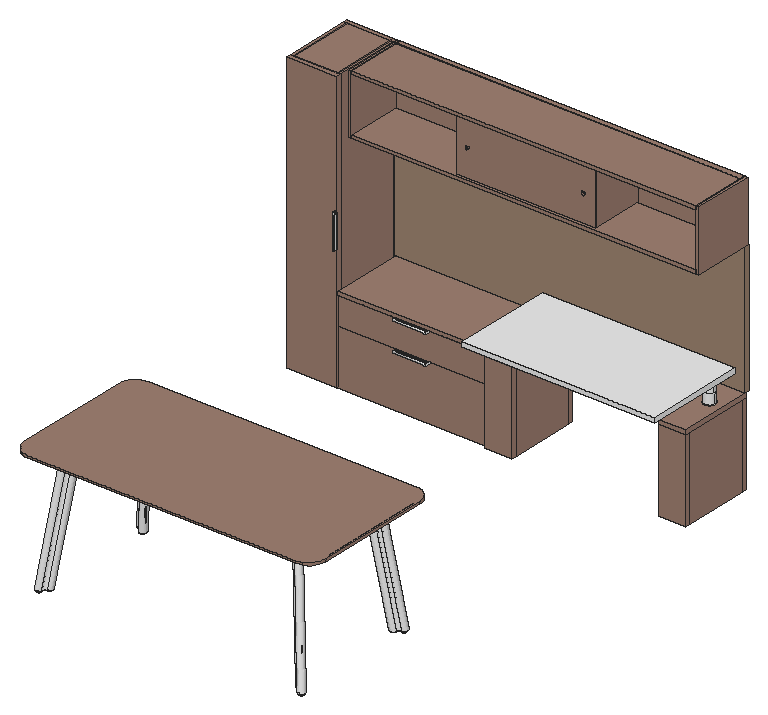
Revit family "T100232", category Furniture, Revit 2022
Family settings
  OmniClass Number = 23.40.20.00
  OmniClass Title = General Furniture and Specialties
  Work Plane-Based = No
  Always vertical = Yes
  Cut with Voids When Loaded = No
  Render Appearance Source = Family Geometry
  Shared = No
  Room Calculation Point = No
Parameters (values of type "T100232")
  URL = "https://ofs.com/"
  Model = "T100232"
  Manufacturer = "OFS"
  Description = "OFS TYPICAL T100232"
  Default Elevation = 0' - 0"
  Copyright © = "©OFS 2021"
  Catalog = "https://ofs.com/2020-experience"
  Authoring Version = "Autodesk Revit Architecture 2015"
  Assembly Code = "E2020400"
Reference planes (in)
  plane 1 "Center Front/Back": y = 0
  plane 2: z = 0
  plane 3 "Center Left/Right": x = 0
Dimensions and locks (in)
  aligned and locked: level to plane 2
Nested families (in)
  nested 1: "APTOS TALL STORAGE WITH HINGED DOOR 18IN DEPTH" at (-40.80898, 95.68334, 0), type "APTOS TALL STORAGE WITH HINGED DOOR 12" Wide 18" Planning Depth Single Hinged Door Left"
  nested 2: "APTOS HEIGHT ADJUSTABLE KNEESPACE CREDENZA CORIAN TOP 48W 18IN BASES" at (25.127, 106.12084, 0), type "APTOS HEIGHT ADJUSTABLE KNEESPACE CREDENZA 48IN W CORIAN TOP 18IN Panel Bases"
    with Worksurface Height 2' - 3"
  nested 3: "APTOS GLASS OVERLAY RUNOFF WORKSURFACE SOFT RECTANGLE" at (-0.00002, 24, 0) x (1, 0, 0) z (0, 0, 1), type "APTOS GLASS OVERLAY RUNOFF WORKSURFACE SOFT RECTANGLE 72" x 36""
  nested 4: "APTOS 18D LOW HEIGHT MODULAR CABINET TOP" at (-16.8105, 110.89072, 0), type "APTOS 18D LOW HEIGHT MODULAR CABINET TOP 36" Width"
  nested 5: "APTOS LOW HEIGHT MODULAR PEDESTAL BOX-FILE 18IN Depth" at (-16.80535, 94.55784, 0), type "APTOS LOW HEIGHT MODULAR PEDESTAL BOX/FILE 36""
  nested 6: "APTOS WALLMOUNT ORGANIZER WITH CENTER SLIDING GLASS DOOR" at (7.10156, 95.68334, 0), type "APTOS WALLMOUNT ORGANIZER WITH CENTER SLIDING GLASS DOOR 84" Width"
  nested 7: "APTOS ONE PIECE TACKBOARD (Between Low Height and Wallmount)" at (7.1295, 95.89072, 0), type "APTOS ONE PIECE TACKBOARD 84" Between Low Height and Wallmount"
  nested 8: "APTOS DUFOIL LEGS" at (-32.13267, -15.86618, 0) x (-0.7003, 0.7139, 0) z (0, 0, 1), type "APTOS DUFOIL LEGS"
  nested 9: "APTOS DUFOIL LEGS" at (-32.11414, 15.81861, 0) x (0.6874, 0.7263, 0) z (0, 0, 1), type "APTOS DUFOIL LEGS"
  nested 10: "APTOS DUFOIL LEGS" at (31.90623, 15.84375, 0) x (0.7013, -0.7128, 0) z (0, 0, 1), type "APTOS DUFOIL LEGS"
  nested 11: "APTOS DUFOIL LEGS" at (31.83368, -15.93718, 0) x (-0.7071, -0.7071, 0) z (0, 0, 1), type "APTOS DUFOIL LEGS"
Definition of nested family "APTOS TALL STORAGE WITH HINGED DOOR 18IN DEPTH"
  Parameters (values of type "APTOS TALL STORAGE WITH HINGED DOOR 12" Wide 18" Planning Depth Single Hinged Door Left")
    Width = 1' - 0"
    URL = "http://ofsbrands.com"
    Right Hinged = no
    Left Hinged = yes
    Handle Lengh = 0' - 8 1/4"
    Door Handle Material = none
    Default Elevation = 0' - 0"
    Board Thick Door = 0' - 1 1/8"
    Depth = 1' - 5 7/8"
    Board Material = none
    Model = "34-1268LSC1S"
    Manufacturer = "OFS"
    Leg Caps Material = none
    Leg Offset = 0' - 2"
    Board Thick Internal = 0' - 0 3/4"
    Height = 5' - 8 1/4"
    Description = "OFS BRANDS OFS APTOS TALL STORAGE WITH HINGED DOOR 12\" Wide 18\" Planning Depth Single Hinged Door Left Optional Pull, Coat Hook or Hang Rod,Three Adjustable 1\" Thick Shelves with Beveled Edge and One Fixed Shelf per Section"
    Copyright © = "© OFS BRANDS 2017"
    Catalog = "APTOS http://ofsbrands.com/products/casegoods/private-office/aptos"
    Bottom Board Offset = 0' - 1 1/2"
    Board Thick Top and Bot = 0' - 1"
    Board Thick Shelfs = 0' - 1"
    Board Thick Sides = 0' - 0 3/4"
    Board Thick Front = 0' - 0 3/4"
    Board Thick Back = 0' - 0 3/4"
    Authoring Version = "Autodesk Revit Architecture 2013"
    Assembly Code = "E2020200"
    2 Doors = no
    1 Door = yes
  Types (8): name | Width | Right Hinged | Left Hinged | Model | Description | 2 Doors | 1 Door
    (no name) | 1' - 0" | no | yes | "34-1268LSC1S" | "OFS BRANDS OFS APTOS TALL STORAGE WITH HINGED DOOR 12\" Wide 18\" Planning Depth Single Hinged Door Left Optional Pull, Coat Hook or Hang Rod,Three Adjustable 1\" Thick Shelves with Beveled Edge and One Fixed Shelf per Section" | no | yes
    APTOS TALL STORAGE WITH HINGED DOOR 36" Wide 18" Planning Depth Double Hinged Door | 3' - 0" | no | no | "34-3668SC1S" | "OFS BRANDS OFS APTOS TALL STORAGE WITH HINGED DOOR 36\" Wide 18\" Planning Depth Double Hinged Door Optional Pull, Coat Hook or Hang Rod,Three Adjustable 1\" Thick Shelves with Beveled Edge and One Fixed Shelf per Section" | yes | no
    APTOS TALL STORAGE WITH HINGED DOOR 30" Wide 18" Planning Depth Double Hinged Door | 2' - 6" | no | no | "34-3068SC1S" | "OFS BRANDS OFS APTOS TALL STORAGE WITH HINGED DOOR 30\" Wide 18\" Planning Depth Double Hinged Door Optional Pull, Coat Hook or Hang Rod,Three Adjustable 1\" Thick Shelves with Beveled Edge and One Fixed Shelf per Section" | yes | no
    APTOS TALL STORAGE WITH HINGED DOOR 24" Wide 18" Planning Depth Double Hinged Door | 2' - 0" | no | no | "34-2468SC1S" | "OFS BRANDS OFS APTOS TALL STORAGE WITH HINGED DOOR 24\" Wide 18\" Planning Depth Double Hinged Door Optional Pull, Coat Hook or Hang Rod,Three Adjustable 1\" Thick Shelves with Beveled Edge and One Fixed Shelf per Section" | yes | no
    APTOS TALL STORAGE WITH HINGED DOOR 18" Wide 18" Planning Depth Single Hinged Door Left | 1' - 6" | no | yes | "34-1868LSC1S" | "OFS BRANDS OFS APTOS TALL STORAGE WITH HINGED DOOR 18\" Wide 18\" Planning Depth Single Hinged Door Left Optional Pull, Coat Hook or Hang Rod,Three Adjustable 1\" Thick Shelves with Beveled Edge and One Fixed Shelf per Section" | no | yes
    APTOS TALL STORAGE WITH HINGED DOOR 18" Wide 18" Planning Depth Single Hinged Door Right | 1' - 6" | yes | no | "34-1868RSC1S" | "OFS BRANDS OFS APTOS TALL STORAGE WITH HINGED DOOR 18\" Wide 18\" Planning Depth Single Hinged Door Right Optional Pull, Coat Hook or Hang Rod,Three Adjustable 1\" Thick Shelves with Beveled Edge and One Fixed Shelf per Section" | no | yes
    APTOS TALL STORAGE WITH HINGED DOOR 12" Wide 18" Planning Depth Single Hinged Door Left | 1' - 0" | no | yes | "34-1268LSC1S" | "OFS BRANDS OFS APTOS TALL STORAGE WITH HINGED DOOR 12\" Wide 18\" Planning Depth Single Hinged Door Left Optional Pull, Coat Hook or Hang Rod,Three Adjustable 1\" Thick Shelves with Beveled Edge and One Fixed Shelf per Section" | no | yes
    APTOS TALL STORAGE WITH HINGED DOOR 12" Wide 18" Planning Depth Single Hinged Door Right | 1' - 0" | yes | no | "34-1268RSC1S" | "OFS BRANDS OFS APTOS TALL STORAGE WITH HINGED DOOR 12\" Wide 18\" Planning Depth Single Hinged Door Right Optional Pull, Coat Hook or Hang Rod,Three Adjustable 1\" Thick Shelves with Beveled Edge and One Fixed Shelf per Section" | no | yes
  Reference planes (in)
    plane 1 "Center Front/Back": y = 0
    plane 2: z = 0
    plane 3 "Center Left/Right": x = 0
    plane 4 "Left End": x = -6
    plane 5 "Front End": y = -16.75
    plane 6 "Right End": x = 6
    plane 7 "Back End": y = 0
    plane 8 "Height Top": z = 68.25
    plane 9: x = -5.25
    plane 10: x = 5.25
    plane 11: z = 14.65
    plane 12: z = 15.65
    plane 13: z = 67.25
    plane 14: z = 1.5
    plane 15: z = 2.5
    plane 16: y = -16
    plane 17: y = -2
    plane 18: y = -2
    plane 19: y = -14.75
    plane 20: y = -14.75
    plane 21: x = -4
    plane 22: x = 4
    plane 23: x = 4
    plane 24: x = -4
    plane 25: x = -0.375
    plane 26: x = 0.375
    plane 27: y = -17.875
    plane 28: y = -0.75
    plane 29: z = 27.8
    plane 30: z = 28.8
    plane 31: z = 40.95
    plane 32: z = 41.95
    plane 33: z = 54.1
    plane 34: z = 55.1
    plane 35: x = -0.125
    plane 36: x = 0.125
  Forms (in)
    Extrusion 1, solid, material <- "Board Material"
      sketch origin (0, 0, 0) x (1, 0, 0) y (0, 1, 0)
        loop
          line (-6, -0.75) -> (-6, -16.75) -> (-5.25, -16.75) -> (-5.25, -0.75) -> (-6, -0.75)
      from 1.5 to 68.25
    Extrusion 2, solid, material <- "Board Material"
      sketch origin (0, 0, 0) x (-1, 0, 0) y (0, -1, 0)
        loop
          line (-6, 0.75) -> (-5.25, 0.75) -> (-5.25, 16.75) -> (-6, 16.75) -> (-6, 0.75)
      from 1.5 to 68.25
    Extrusion 3, solid, material <- "Board Material"
      sketch origin (0, 0, 0) x (1, 0, 0) y (0, 1, 0)
        loop
          line (-5.25, -0.75) -> (-5.25, -16.75) -> (5.25, -16.75) -> (5.25, -0.75) -> (-5.25, -0.75)
      from 1.5 to 2.5
    Extrusion 4, solid, material <- "Board Material"
      sketch origin (0, 0, 0) x (1, 0, 0) y (0, 1, 0)
        loop
          line (-5.25, -0.75) -> (-5.25, -16.75) -> (5.25, -16.75) -> (5.25, -0.75) -> (-5.25, -0.75)
      from 67.25 to 68.25
    Revolve 5, solid, material <- "Leg Caps Material"
      sketch origin (0, -2, 0) x (-1, 0, 0) y (0, 0, 1)
        loop
          line (3, 0.28743) -> (3.5, 0.28743)
          arc (3.5, 0.28743) -> (3.35629, 0.14371) -> (3.5, 0) r 0.14371
          line (3.5, 0) -> (4, 0) -> (4, 1.5) -> (3, 1.5) -> (3, 0.28743)
        axis (4, 1.5) -> (4, 0)
      angle from 0 to 360
    Revolve 6, solid, material <- "Leg Caps Material"
      sketch origin (0, -2, 0) x (1, 0, 0) y (0, 0, -1)
        loop
          line (3, -0.28743) -> (3, -1.5) -> (4, -1.5) -> (4, 0) -> (3.5, 0)
          arc (3.5, 0) -> (3.35629, -0.14371) -> (3.5, -0.28743) r 0.14371
          line (3.5, -0.28743) -> (3, -0.28743)
        axis (4, -1.5) -> (4, 0)
      angle from 0 to 360
    Revolve 7, solid, material <- "Leg Caps Material"
      sketch origin (0, -14.75, 0) x (-1, 0, 0) y (0, 0, -1)
        loop
          line (3, -0.28743) -> (3, -1.5) -> (4, -1.5) -> (4, 0) -> (3.5, 0)
          arc (3.5, 0) -> (3.35629, -0.14371) -> (3.5, -0.28743) r 0.14371
          line (3.5, -0.28743) -> (3, -0.28743)
        axis (4, -1.5) -> (4, 0)
      angle from 0 to 360
    Revolve 8, solid, material <- "Leg Caps Material"
      sketch origin (0, -14.75, 0) x (1, 0, 0) y (0, 0, 1)
        loop
          line (3, 0.28743) -> (3.5, 0.28743)
          arc (3.5, 0.28743) -> (3.35629, 0.14371) -> (3.5, 0) r 0.14371
          line (3.5, 0) -> (4, 0) -> (4, 1.5) -> (3, 1.5) -> (3, 0.28743)
        axis (4, 1.5) -> (4, 0)
      angle from 0 to 360
    Extrusion 9, solid, material <- "Board Material", visible <- "2 Doors"
      sketch origin (0, 0, 0) x (1, 0, 0) y (0, 1, 0)
        loop
          line (-0.375, -0.75) -> (-0.375, -16.75) -> (0.375, -16.75) -> (0.375, -0.75) -> (-0.375, -0.75)
      from 2.5 to 67.25
    Extrusion 10, solid, material <- "Board Material", visible <- "2 Doors"
      sketch origin (0, 0, 0) x (1, 0, 0) y (0, 1, 0)
        loop
          line (-0.125, -16.75) -> (-6, -16.75) -> (-6, -17.875) -> (-0.125, -17.875) -> (-0.125, -16.75)
      from 1.5 to 68.25
    Extrusion 11, solid, material <- "Board Material"
      sketch origin (0, 27.875, 0) x (1, 0, 0) y (0, 1, 0)
        loop
          line (-6, -27.875) -> (-6, -28.625) -> (6, -28.625) -> (6, -27.875) -> (-6, -27.875)
      from 1.5 to 68.25
    Extrusion 12, solid, material <- "Board Material", visible <- "2 Doors"
      sketch origin (0, 0, 0) x (1, 0, 0) y (0, 1, 0)
        loop
          line (6, -16.75) -> (0.125, -16.75) -> (0.125, -17.875) -> (6, -17.875) -> (6, -16.75)
      from 1.5 to 68.25
    Extrusion 13, solid, material <- "Door Handle Material", visible <- "2 Doors"
      sketch origin (-1.15749, -3, 0) x (1, 0, 0) y (0, 1, 0)
        loop
          arc (1.27755, -15.67707) -> (1.46398, -15.8635) -> (1.65042, -15.67707) r 0.18644
          arc (1.65042, -15.67707) -> (1.63824, -15.56084) -> (1.60223, -15.44966) r 0.56062
          arc (1.60223, -15.44966) -> (1.56017, -15.1973) -> (1.64547, -14.95609) r 0.512
          line (1.64547, -14.95609) -> (1.64547, -14.875) -> (1.28249, -14.875) -> (1.28249, -14.95609)
          arc (1.28249, -14.95609) -> (1.36779, -15.1973) -> (1.32574, -15.44966) r 0.512
          arc (1.32574, -15.44966) -> (1.28973, -15.56084) -> (1.27755, -15.67707) r 0.56062
      from 31.17725 to 39.4335
    Extrusion 14, solid, material <- "Door Handle Material", visible <- "2 Doors"
      sketch origin (1.15749, -3, 0) x (-1, 0, 0) y (0, -1, 0)
        loop
          arc (1.27755, 15.67707) -> (1.28973, 15.56084) -> (1.32574, 15.44966) r 0.56062
          arc (1.32574, 15.44966) -> (1.36779, 15.1973) -> (1.28249, 14.95609) r 0.512
          line (1.28249, 14.95609) -> (1.28249, 14.875) -> (1.64547, 14.875) -> (1.64547, 14.95609)
          arc (1.64547, 14.95609) -> (1.56017, 15.1973) -> (1.60223, 15.44966) r 0.512
          arc (1.60223, 15.44966) -> (1.63824, 15.56084) -> (1.65042, 15.67707) r 0.56062
          arc (1.65042, 15.67707) -> (1.46398, 15.8635) -> (1.27755, 15.67707) r 0.18644
      from 31.17725 to 39.4335
    Extrusion 15, solid, material <- "Board Material", visible <- "1 Door"
      sketch origin (0, 0, 0) x (1, 0, 0) y (0, 1, 0)
        loop
          line (6, -16.75) -> (-6, -16.75) -> (-6, -17.875) -> (6, -17.875) -> (6, -16.75)
      from 1.5 to 68.25
    Extrusion 16, solid, material <- "Door Handle Material", visible <- "Right Hinged"
      sketch origin (-16.35453, -3, 0) x (-1, 0, 0) y (0, -1, 0)
        loop
          arc (-10.72245, 15.67707) -> (-10.71027, 15.56084) -> (-10.67426, 15.44966) r 0.56062
          arc (-10.67426, 15.44966) -> (-10.63221, 15.1973) -> (-10.71751, 14.95609) r 0.512
          line (-10.71751, 14.95609) -> (-10.71751, 14.875) -> (-10.35453, 14.875) -> (-10.35453, 14.95609)
          arc (-10.35453, 14.95609) -> (-10.43983, 15.1973) -> (-10.39777, 15.44966) r 0.512
          arc (-10.39777, 15.44966) -> (-10.36176, 15.56084) -> (-10.34958, 15.67707) r 0.56062
          arc (-10.34958, 15.67707) -> (-10.53602, 15.8635) -> (-10.72245, 15.67707) r 0.18644
      from 31.17725 to 39.4335
    Extrusion 17, solid, material <- "Door Handle Material", visible <- "Left Hinged"
      sketch origin (16.35453, -3, 0) x (1, 0, 0) y (0, 1, 0)
        loop
          arc (-10.72245, -15.67707) -> (-10.53602, -15.8635) -> (-10.34958, -15.67707) r 0.18644
          arc (-10.34958, -15.67707) -> (-10.36176, -15.56084) -> (-10.39777, -15.44966) r 0.56062
          arc (-10.39777, -15.44966) -> (-10.43983, -15.1973) -> (-10.35453, -14.95609) r 0.512
          line (-10.35453, -14.95609) -> (-10.35453, -14.875) -> (-10.71751, -14.875) -> (-10.71751, -14.95609)
          arc (-10.71751, -14.95609) -> (-10.63221, -15.1973) -> (-10.67426, -15.44966) r 0.512
          arc (-10.67426, -15.44966) -> (-10.71027, -15.56084) -> (-10.72245, -15.67707) r 0.56062
      from 31.17725 to 39.4335
  Dimensions and locks (in)
    equal spacing: plane 4 "Left End", plane 3 "Center Left/Right", plane 6 "Right End"
    "Width": plane 4 "Left End" to plane 6 "Right End"
    "Height": plane 8 "Height Top" to level
    "Board Thick Sides": plane 4 "Left End" to plane 9
    "Board Thick Sides": plane 10 to plane 6 "Right End"
    "Board Thick Top and Bot": plane 8 "Height Top" to plane 13
    "Board Thick Shelfs": plane 12 to plane 11
    "Board Thick Top and Bot": plane 15 to plane 14
    "Bottom Board Offset": plane 14 to level
    "Board Thick Front": plane 16 to plane 5 "Front End"
    "Leg Offset": plane 19 to plane 5 "Front End"
    "Leg Offset": plane 20 to plane 5 "Front End"
    "Leg Offset": plane 17 to plane 7 "Back End"
    "Leg Offset": plane 18 to plane 7 "Back End"
    "Leg Offset": plane 4 "Left End" to plane 21
    "Leg Offset": plane 22 to plane 6 "Right End"
    "Leg Offset": plane 23 to plane 6 "Right End"
    "Leg Offset": plane 4 "Left End" to plane 24
    "Board Thick Internal": plane 25 to plane 26
    "Board Thick Door": plane 27 to plane 5 "Front End"
    "Board Thick Back": plane 28 to plane 1 "Center Front/Back"
    "Depth": plane 27 to plane 1 "Center Front/Back"
    equal spacing: plane 25, plane 3 "Center Left/Right", plane 26
    "Board Thick Shelfs": plane 30 to plane 29
    "Board Thick Shelfs": plane 32 to plane 31
    "Board Thick Shelfs": plane 34 to plane 33
    equal spacing: plane 8 "Height Top", plane 34, plane 32, plane 30, plane 12, plane 15
    equal spacing: plane 35, plane 3 "Center Left/Right", plane 36
    locked: plane 35 to plane 36 at 0.25
    aligned and locked: level to plane 2
    aligned and locked: plane 5 "Front End" to Extrusion 1 sketch curve
    aligned and locked: plane 4 "Left End" to Extrusion 1 sketch curve
    aligned and locked: Extrusion 1 sketch curve to plane 9
    aligned and locked: Extrusion 2 to plane 5 "Front End"
    aligned and locked: plane 10 to Extrusion 2
    aligned and locked: Extrusion 2 to plane 6 "Right End"
    aligned and locked: Extrusion 2 to plane 14
    aligned and locked: plane 10 to Extrusion 3 sketch curve
    aligned and locked: plane 9 to Extrusion 3 sketch curve
    aligned and locked: Revolve 5 to plane 18
    aligned and locked: plane 17 to Revolve 6
    aligned and locked: Revolve 8 to plane 20
    aligned and locked: plane 19 to Revolve 7
    aligned and locked: Extrusion 9 sketch curve to plane 25
    aligned and locked: plane 26 to Extrusion 9 sketch curve
    aligned and locked: Extrusion 9 to plane 5 "Front End"
    aligned and locked: plane 27 to Extrusion 10 sketch curve
    aligned and locked: plane 5 "Front End" to Extrusion 10 sketch curve
    aligned and locked: Extrusion 10 sketch curve to plane 4 "Left End"
    aligned and locked: Extrusion 11 to plane 4 "Left End"
    aligned and locked: Extrusion 11 to plane 6 "Right End"
    aligned and locked: Extrusion 11 to plane 14
    aligned and locked: plane 15 to Extrusion 3
    aligned and locked: Extrusion 10 to plane 14
    aligned and locked: Extrusion 3 to plane 14
    aligned and locked: Extrusion 9 to plane 15
    aligned and locked: plane 13 to Extrusion 9
    aligned and locked: plane 8 "Height Top" to Extrusion 4
    aligned and locked: Extrusion 4 to plane 13
    aligned and locked: Extrusion 12 to plane 6 "Right End"
    aligned and locked: Extrusion 12 to plane 14
    aligned and locked: Extrusion 11 to plane 28
    aligned and locked: Extrusion 11 to plane 1 "Center Front/Back"
    aligned and locked: plane 28 to Extrusion 9
    aligned and locked: Extrusion 1 to plane 14
    aligned and locked: plane 28 to Extrusion 1
    aligned and locked: plane 28 to Extrusion 2
    aligned and locked: plane 8 "Height Top" to Extrusion 11
    aligned and locked: Extrusion 4 to plane 9
    aligned and locked: Extrusion 4 to plane 10
    aligned and locked: plane 28 to Extrusion 4
    aligned and locked: Extrusion 4 to plane 5 "Front End"
    aligned and locked: plane 8 "Height Top" to Extrusion 12
    aligned and locked: plane 8 "Height Top" to Extrusion 10
    aligned and locked: plane 8 "Height Top" to Extrusion 2
    aligned and locked: plane 8 "Height Top" to Extrusion 1
    aligned and locked: plane 28 to Extrusion 3
    aligned and locked: Extrusion 15 to plane 6 "Right End"
    aligned and locked: Extrusion 15 to plane 4 "Left End"
    aligned and locked: plane 8 "Height Top" to Extrusion 15
    aligned and locked: Extrusion 15 to plane 14
    aligned and locked: plane 35 to Extrusion 10
    aligned and locked: Extrusion 12 to plane 36
  Automatic sketch dimensions
    Extrusion 1 sketch curve to plane 28 = 0' - 0"
    Extrusion 2 sketch curve to plane 5 "Front End" = 0' - 0"
    Extrusion 2 sketch curve to plane 6 "Right End" = 0' - 0"
    Extrusion 2 sketch curve to plane 10 = 0' - 0"
    plane 28 to Extrusion 2 sketch curve = 0' - 0"
    Extrusion 3 sketch curve to plane 5 "Front End" = 0' - 0"
    Extrusion 3 sketch curve to plane 28 = 0' - 0"
    Extrusion 4 sketch curve to plane 5 "Front End" = 0' - 0"
    Extrusion 4 sketch curve to plane 9 = 0' - 0"
    Extrusion 4 sketch curve to plane 10 = 0' - 0"
    Extrusion 4 sketch curve to plane 28 = 0' - 0"
    Revolve 5 sketch curve to plane 14 = 0' - 0"
    Revolve 5 sketch curve to level = 0' - 0"
    plane 21 to Revolve 5 sketch curve = 0' - 0"  (x2)
    level to Revolve 5 sketch curve = 0' - 0.28743"
    Revolve 5 sketch curve to Revolve 5 sketch curve = 0' - 0 1/2"  (x3)
    Revolve 5 sketch curve to Revolve 5 sketch curve = 0' - 0"
    level to Revolve 5 sketch curve = 0' - 0.14371"
    Revolve 5 sketch curve to plane 15 = 0' - 0 1/4"
    Revolve 6 sketch curve to plane 14 = 0' - 0"
    Revolve 6 sketch curve to level = 0' - 0"
    Revolve 6 sketch curve to plane 22 = 0' - 0"  (x2)
    level to Revolve 6 sketch curve = 0' - 0.28743"
    Revolve 6 sketch curve to Revolve 6 sketch curve = 0' - 0 1/2"  (x2)
    Revolve 6 sketch curve to Revolve 6 sketch curve = 0' - 0"  (x2)
    Revolve 6 sketch curve to plane 15 = 0' - 0 1/4"
    Revolve 6 sketch curve to level = 0' - 0 1/2"
    Revolve 7 sketch curve to plane 14 = 0' - 0"
    Revolve 7 sketch curve to level = 0' - 0"
    plane 21 to Revolve 7 sketch curve = 0' - 0"  (x2)
    level to Revolve 7 sketch curve = 0' - 0.28743"
    Revolve 7 sketch curve to plane 21 = 0' - 0 1/2"
    Revolve 7 sketch curve to Revolve 7 sketch curve = 0' - 0 1/2"
    Revolve 7 sketch curve to Revolve 7 sketch curve = 0' - 0"  (x2)
    Revolve 7 sketch curve to plane 15 = 0' - 0 1/4"
    Revolve 7 sketch curve to level = 0' - 0 1/2"
    Revolve 8 sketch curve to plane 14 = 0' - 0"
    Revolve 8 sketch curve to level = 0' - 0"
    Revolve 8 sketch curve to plane 22 = 0' - 0"  (x2)
    level to Revolve 8 sketch curve = 0' - 0.28743"
    Revolve 8 sketch curve to Revolve 8 sketch curve = 0' - 0 1/2"  (x3)
    Revolve 8 sketch curve to Revolve 8 sketch curve = 0' - 0"
    level to Revolve 8 sketch curve = 0' - 0.14371"
    Revolve 8 sketch curve to plane 15 = 0' - 0 1/4"
    Extrusion 9 sketch curve to plane 5 "Front End" = 0' - 0"
    Extrusion 9 sketch curve to plane 28 = 0' - 0"
    plane 26 to Extrusion 10 sketch curve = 0' - 0 1/2"
    Extrusion 11 sketch curve to plane 4 "Left End" = 0' - 0"
    Extrusion 11 sketch curve to plane 6 "Right End" = 0' - 0"
    Extrusion 11 sketch curve to plane 28 = 0' - 0"
    plane 1 "Center Front/Back" to Extrusion 11 sketch curve = 0' - 0"
    Extrusion 12 sketch curve to plane 5 "Front End" = 0' - 0"
    plane 25 to Extrusion 12 sketch curve = 0' - 0 1/2"
    Extrusion 12 sketch curve to plane 6 "Right End" = 0' - 0"
    plane 27 to Extrusion 12 sketch curve = 0' - 0"
    plane 27 to Extrusion 13 sketch curve = 0' - 0"
    Extrusion 13 sketch curve to plane 26 = 0' - 0.11297"
    plane 3 "Center Left/Right" to Extrusion 13 sketch curve = 0' - 0 1/8"
    plane 27 to Extrusion 13 sketch curve = 0' - 0.08109"
    plane 25 to Extrusion 13 sketch curve = 0' - 0.07525"
    Extrusion 13 sketch curve to plane 3 "Center Left/Right" = 0' - 0.0677"
    plane 3 "Center Left/Right" to Extrusion 13 sketch curve = 0' - 0.12005"
    Extrusion 13 sketch curve to Extrusion 13 sketch curve = 0' - 0"  (x4)
    plane 3 "Center Left/Right" to Extrusion 13 sketch curve = 0' - 0.16824"
    plane 26 to Extrusion 13 sketch curve = 0' - 0.06851"
    Extrusion 13 sketch curve to plane 26 = 0' - 0.06973"
    Extrusion 13 sketch curve to Extrusion 13 sketch curve = 0' - 0.18775"
    plane 27 to Extrusion 13 sketch curve = 0' - 0.36698"
    plane 27 to Extrusion 14 sketch curve = 0' - 0"
    Extrusion 14 sketch curve to plane 25 = 0' - 0.11297"
    plane 27 to Extrusion 14 sketch curve = 0' - 0.08109"
    Extrusion 14 sketch curve to plane 3 "Center Left/Right" = 0' - 0 1/8"
    plane 26 to Extrusion 14 sketch curve = 0' - 0.07525"
    plane 3 "Center Left/Right" to Extrusion 14 sketch curve = 0' - 0.0677"
    Extrusion 14 sketch curve to plane 3 "Center Left/Right" = 0' - 0.12005"
    Extrusion 14 sketch curve to Extrusion 14 sketch curve = 0' - 0"  (x4)
    Extrusion 14 sketch curve to plane 3 "Center Left/Right" = 0' - 0.16824"
    plane 25 to Extrusion 14 sketch curve = 0' - 0.06851"
    Extrusion 14 sketch curve to plane 25 = 0' - 0.06973"
    Extrusion 14 sketch curve to Extrusion 14 sketch curve = 0' - 0.18775"
    plane 27 to Extrusion 14 sketch curve = 0' - 0.36698"
    Extrusion 15 sketch curve to plane 4 "Left End" = 0' - 0"
    Extrusion 15 sketch curve to plane 6 "Right End" = 0' - 0"
    plane 27 to Extrusion 15 sketch curve = 0' - 0"
    Extrusion 15 sketch curve to plane 5 "Front End" = 0' - 0"
    Extrusion 16 sketch curve to plane 27 = 0' - 0"
    Extrusion 16 sketch curve to plane 4 "Left End" = 0' - 0"
    plane 27 to Extrusion 16 sketch curve = 0' - 0.08109"
    Extrusion 16 sketch curve to Extrusion 16 sketch curve = 0' - 0.36297"
    plane 9 to Extrusion 16 sketch curve = 0' - 0.03772"
    Extrusion 16 sketch curve to plane 9 = 0' - 0.19432"
    Extrusion 16 sketch curve to Extrusion 16 sketch curve = 0' - 0.18775"  (x2)
    Extrusion 16 sketch curve to Extrusion 16 sketch curve = 0' - 0"  (x4)
    Extrusion 16 sketch curve to Extrusion 16 sketch curve = 0' - 0.04819"
    plane 4 "Left End" to Extrusion 16 sketch curve = 0' - 0.18149"
    plane 4 "Left End" to Extrusion 16 sketch curve = 0' - 0.04324"
    plane 27 to Extrusion 16 sketch curve = 0' - 0.36698"
    plane 27 to Extrusion 17 sketch curve = 0' - 0"
    Extrusion 17 sketch curve to plane 6 "Right End" = 0' - 0"
    plane 27 to Extrusion 17 sketch curve = 0' - 0.08109"
    Extrusion 17 sketch curve to Extrusion 17 sketch curve = 0' - 0.36297"
    plane 10 to Extrusion 17 sketch curve = 0' - 0.03772"
    Extrusion 17 sketch curve to plane 10 = 0' - 0.19432"
    Extrusion 17 sketch curve to Extrusion 17 sketch curve = 0' - 0.18775"  (x2)
    Extrusion 17 sketch curve to Extrusion 17 sketch curve = 0' - 0"  (x4)
    Extrusion 17 sketch curve to Extrusion 17 sketch curve = 0' - 0.04819"
    plane 6 "Right End" to Extrusion 17 sketch curve = 0' - 0.18149"
    plane 6 "Right End" to Extrusion 17 sketch curve = 0' - 0.04324"
    plane 27 to Extrusion 17 sketch curve = 0' - 0.36698"
Definition of nested family "APTOS HEIGHT ADJUSTABLE KNEESPACE CREDENZA CORIAN TOP 48W 18IN BASES"
  Parameters (values of type "APTOS HEIGHT ADJUSTABLE KNEESPACE CREDENZA 48IN W CORIAN TOP 18IN Panel Bases")
    Width = 4' - 0"
    URL = "http://ofsbrands.com"
    Depth = 2' - 2"
    Model = "34-4826HAKCCS"
    Manufacturer = "OFS"
    Height = 0' - 1 1/8"
    Description = "OFS BRANDS OFS APTOS HEIGHT ADJUSTABLE KNEESPACE CREDENZA CORIAN TOP 48\"W Chassis, 46\"W Centered Top, 18\"D Panel Bases, 2\" Behind and 1\" Clearance on Each Side of Worksurface"
    Default Elevation = 0' - 0"
    Copyright © = "© OFS BRANDS 2017"
    Columns Material = none
    Catalog = "APTOS http://ofsbrands.com/products/casegoods/private-office/aptos"
    Worksurface Height [instance] = 2' - 3"
    Authoring Version = "Autodesk Revit Architecture 2013"
    Assembly Code = "E2020200"
  Reference planes (in)
    plane 1 "Back End": y = -11
    plane 2: z = 0
    plane 3 "Center Left/Right": x = 0
    plane 4 "Left End": x = -24
    plane 5 "Front End": y = -37
    plane 6 "Right End": x = 24
    plane 7 "Height Top": z = 28.125
    plane 8: z = 27
    plane 9 "Center Front/Back": y = -24
    plane 10: z = 24.625
    plane 11: z = 22.25
    plane 12: z = 26.875
  Forms (in)
    Extrusion 1, solid, material <- "Columns Material"
      sketch origin (-9.24735, -45.83789, 0) x (1, 0, 0) y (0, 1, 0)
        loop
          circle (-11.4997, 28.08789) r 1.125
      from 24.625 to 27
    Extrusion 2, solid, material <- "Columns Material"
      sketch origin (-9.24735, -45.83789, 0) x (1, 0, 0) y (0, 1, 0)
        loop
          circle (-11.4997, 28.08789) r 1.25
      from 22.25 to 24.625
    Extrusion 3, solid, material <- "Columns Material"
      sketch origin (-9.24735, -45.83789, 0) x (1, 0, 0) y (0, 1, 0)
        loop
          circle (-11.4997, 28.08789) r 1.375
      from 2.5 to 22.25
    Extrusion 4, solid, material <- "Columns Material"
      sketch origin (0, -48, 0) x (1, 0, 0) y (0, 1, 0)
        loop
          line (-22.81203, 28.25) -> (-16.81203, 28.25) -> (-16.81203, 34.25) -> (-22.81203, 34.25) -> (-22.81203, 28.25)
      from 26.875 to 27
    Extrusion 5, solid, material <- "Columns Material"
      sketch origin (9.24734, -45.83789, 0) x (-1, 0, 0) y (0, -1, 0)
        loop
          circle (-11.4997, -28.08789) r 1.125
      from 24.625 to 26.875
    Extrusion 6, solid, material <- "Columns Material"
      sketch origin (9.24734, -45.83789, 0) x (-1, 0, 0) y (0, -1, 0)
        loop
          circle (-11.4997, -28.08789) r 1.25
      from 22.25 to 24.625
    Extrusion 7, solid, material <- "Columns Material"
      sketch origin (9.24734, -45.83789, 0) x (-1, 0, 0) y (0, -1, 0)
        loop
          circle (-11.4997, -28.08789) r 1.375
      from 2.5 to 22.25
    Extrusion 8, solid, material <- "Columns Material"
      sketch origin (-5.25, -48, 0) x (-1, 0, 0) y (0, -1, 0)
        loop
          line (-28.06203, -28.25) -> (-28.06203, -34.25) -> (-22.06203, -34.25) -> (-22.06203, -28.25) -> (-28.06203, -28.25)
      from 26.875 to 27
  Dimensions and locks (in)
    "Height": plane 7 "Height Top" to plane 8
    "Worksurface Height": plane 8 to level
    "Depth": plane 5 "Front End" to plane 1 "Back End"
    equal spacing: plane 4 "Left End", plane 3 "Center Left/Right", plane 6 "Right End"
    "Width": plane 4 "Left End" to plane 6 "Right End"
    equal spacing: plane 5 "Front End", plane 9 "Center Front/Back", plane 1 "Back End"
    locked: plane 11 to level at 22.25
    equal spacing: plane 8, plane 10, plane 11
    locked: plane 8 to plane 12 at 0.125
    aligned and locked: level to plane 2
    aligned and locked: plane 11 to Extrusion 3
    aligned and locked: Extrusion 2 to plane 11
    aligned and locked: plane 10 to Extrusion 2
    aligned and locked: Extrusion 1 to plane 10
    aligned and locked: plane 8 to Extrusion 1
    aligned and locked: plane 8 to Extrusion 4
    aligned and locked: Extrusion 4 to plane 12
    aligned and locked: Extrusion 8 to plane 8
    aligned and locked: plane 12 to Extrusion 8
    aligned and locked: Extrusion 5 to plane 12
    aligned and locked: Extrusion 6 to plane 10
    aligned and locked: plane 10 to Extrusion 5
    aligned and locked: nested 3 to plane 7 "Height Top"
  Automatic sketch dimensions
    Extrusion 1 sketch curve to plane 4 "Left End" = 0' - 3.25295"
    plane 9 "Center Front/Back" to Extrusion 1 sketch curve = 0' - 6 1/4"
    Extrusion 2 sketch curve to Extrusion 2 sketch curve = 0' - 0"  (x2)
    Extrusion 2 sketch curve to plane 4 "Left End" = 0' - 2.00295"
    Extrusion 2 sketch curve to Extrusion 2 sketch curve = 0' - 1 1/4"
    plane 9 "Center Front/Back" to Extrusion 2 sketch curve = 0' - 6 1/4"
    Extrusion 3 sketch curve to Extrusion 3 sketch curve = 0' - 0"  (x2)
    Extrusion 3 sketch curve to plane 4 "Left End" = 0' - 1.87795"
    Extrusion 3 sketch curve to Extrusion 3 sketch curve = 0' - 1 3/8"
    plane 9 "Center Front/Back" to Extrusion 3 sketch curve = 0' - 6 1/4"
    Extrusion 4 sketch curve to plane 4 "Left End" = 0' - 1.18797"
    Extrusion 4 sketch curve to plane 1 "Back End" = 0' - 2 3/4"
    Extrusion 4 sketch curve to Extrusion 4 sketch curve = 0' - 6"
    plane 9 "Center Front/Back" to Extrusion 4 sketch curve = 0' - 4 1/4"
    plane 6 "Right End" to Extrusion 5 sketch curve = 0' - 3.25295"
    Extrusion 5 sketch curve to plane 9 "Center Front/Back" = 0' - 6 1/4"
    Extrusion 6 sketch curve to Extrusion 6 sketch curve = 0' - 0"  (x2)
    plane 6 "Right End" to Extrusion 6 sketch curve = 0' - 2.00295"
    Extrusion 6 sketch curve to Extrusion 6 sketch curve = 0' - 1 1/4"
    Extrusion 6 sketch curve to plane 9 "Center Front/Back" = 0' - 6 1/4"
    Extrusion 7 sketch curve to Extrusion 7 sketch curve = 0' - 0"  (x2)
    plane 6 "Right End" to Extrusion 7 sketch curve = 0' - 1.87795"
    Extrusion 7 sketch curve to Extrusion 7 sketch curve = 0' - 1 3/8"
    Extrusion 7 sketch curve to plane 9 "Center Front/Back" = 0' - 6 1/4"
    plane 6 "Right End" to Extrusion 8 sketch curve = 0' - 1.18797"
    plane 1 "Back End" to Extrusion 8 sketch curve = 0' - 2 3/4"
    Extrusion 8 sketch curve to Extrusion 8 sketch curve = 0' - 6"
    Extrusion 8 sketch curve to plane 9 "Center Front/Back" = 0' - 4 1/4"
    radius of Extrusion 1 sketch curve = 0' - 1 1/8"
    radius of Extrusion 5 sketch curve = 0' - 1 1/8"
  Nested families (in)
    nested 1: "H4H" at (-24, -20, 0) x (0, 1, 0) z (0, 0, 1), type "H4H"
    nested 2: "H4H" at (24, -20, 0) x (0, 1, 0) z (0, 0, 1), type "H4H"
    nested 3: "APTOS ELEVATED RUNOFF WORKSURFACE RECTANGULAR - WOOD TOP" at (0, -1, -1.375) x (-1, 0, 0) z (0, 0, 1), type "APTOS ELEVATED RUNOFF WORKSURFACE RECTANGULAR 66" x 30" - WOOD TOP"
  Definition of nested family "H4H"
    Parameters
      Width = 1' - 6"
      URL = "http://ofsbrands.com"
      Depth = 0' - 6 1/2"
      Default Elevation = 0' - 0"
      Column Material = none
      Board Material = none
      Model = "H4H"
      Manufacturer = "OFS"
      Leg Caps Material = none
      Height = 1' - 10 1/4"
      Description = "OFS BRANDS OFS APTOS H4H"
      Copyright © = "© OFS BRANDS 2017"
      Catalog = "APTOS http://ofsbrands.com/products/casegoods/private-office/aptos"
      Authoring Version = "Autodesk Revit Architecture 2013"
      Assembly Code = "E2020200"
    Reference planes (in)
      plane 1 "Center Front/Back": y = 0
      plane 2: z = 0
      plane 3 "Center Left/Right": x = 0
      plane 4 "Height Top": z = 22.25
      plane 5: z = 21.25
      plane 6: z = 1.5
      plane 7: z = 2.5
      plane 8: y = 0
      plane 9: y = -0.75
      plane 10: y = -5.75
      plane 11: y = -6.5
      plane 12: x = -9
      plane 13: x = -8
      plane 14: x = 9
      plane 15: x = 8
    Forms (in)
      Extrusion 1, solid, material <- "Board Material"
        sketch origin (-17.58789, 78.5, 0) x (1, 0, 0) y (0, 1, 0)
          loop
            line (8.58789, -78.5) -> (8.58789, -85) -> (9.58789, -85) -> (9.58789, -78.5) -> (8.58789, -78.5)
        from 1.5 to 21.25
      Extrusion 2, solid, material <- "Board Material"
        sketch origin (15.08789, 78.5, 0) x (-1, 0, 0) y (0, -1, 0)
          loop
            line (7.08789, 78.5) -> (7.08789, 85) -> (6.08789, 85) -> (6.08789, 78.5) -> (7.08789, 78.5)
        from 1.5 to 21.25
      Extrusion 3, solid, material <- "Board Material"
        sketch origin (-17.58789, 78.5, 0) x (1, 0, 0) y (0, 1, 0)
          loop
            line (9.58789, -78.5) -> (9.58789, -79.25) -> (25.58789, -79.25) -> (25.58789, -78.5) -> (9.58789, -78.5)
        from 1.5 to 21.25
      Extrusion 4, solid, material <- "Board Material"
        sketch origin (-17.58789, -84.5, 0) x (1, 0, 0) y (0, 1, 0)
          loop
            line (9.58789, 78) -> (25.58789, 78) -> (25.58789, 78.75) -> (9.58789, 78.75) -> (9.58789, 78)
        from 1.5 to 21.25
      Extrusion 5, solid, material <- "Board Material"
        sketch origin (-17.58789, 78.5, 0) x (1, 0, 0) y (0, 1, 0)
          loop
            line (8.58789, -78.5) -> (8.58789, -85) -> (26.58789, -85) -> (26.58789, -78.5) -> (8.58789, -78.5)
        from 21.25 to 22.25
      Revolve 6, solid, material <- "Leg Caps Material"
        sketch origin (-35.97047, -3.25, 0) x (1, 0, 0) y (0, 0, -1)
          loop
            line (29, -0.28743) -> (29, -1.5) -> (30, -1.5) -> (30, 0) -> (29.5, 0)
            arc (29.5, 0) -> (29.35628, -0.14371) -> (29.5, -0.28743) r 0.14371
            line (29.5, -0.28743) -> (29, -0.28743)
          axis (30, -1.5) -> (30, 0)
        angle from 0 to 360
      Extrusion 7, solid, material <- "Board Material"
        sketch origin (-17.58789, 78.5, 0) x (1, 0, 0) y (0, 1, 0)
          loop
            line (9.58789, -79.25) -> (9.58789, -84.25) -> (25.58789, -84.25) -> (25.58789, -79.25) -> (9.58789, -79.25)
        from 1.5 to 2.5
      Revolve 8, solid, material <- "Leg Caps Material"
        sketch origin (35.97047, -3.25, 0) x (-1, 0, 0) y (0, 0, 1)
          loop
            line (29, 0.28743) -> (29.5, 0.28743)
            arc (29.5, 0.28743) -> (29.35628, 0.14371) -> (29.5, 0) r 0.14371
            line (29.5, 0) -> (30, 0) -> (30, 1.5) -> (29, 1.5) -> (29, 0.28743)
          axis (30, 1.5) -> (30, 0)
        angle from 0 to 360
    Dimensions and locks (in)
      "Height": plane 4 "Height Top" to level
      plane 4 "Height Top" to plane 5 = 0' - 1"
      plane 7 to plane 6 = 0' - 1"
      plane 6 to level = 0' - 1 1/2"
      "Width": plane 12 to plane 14
      "Depth": plane 1 "Center Front/Back" to plane 11
      locked: plane 12 to plane 13 at 1
      locked: plane 15 to plane 14 at 1
      equal spacing: plane 12, plane 3 "Center Left/Right", plane 14
      aligned and locked: level to plane 2
    Automatic sketch dimensions
      Extrusion 1 sketch curve to plane 11 = 0' - 0"
      Extrusion 1 sketch curve to plane 12 = 0' - 0"
      Extrusion 1 sketch curve to plane 13 = 0' - 0"
      plane 1 "Center Front/Back" to Extrusion 1 sketch curve = 0' - 0"
      plane 1 "Center Front/Back" to Extrusion 2 sketch curve = 0' - 0"
      Extrusion 2 sketch curve to plane 14 = 0' - 0"
      Extrusion 2 sketch curve to plane 11 = 0' - 0"
      Extrusion 2 sketch curve to plane 15 = 0' - 0"
      Extrusion 3 sketch curve to plane 9 = 0' - 0"
      Extrusion 3 sketch curve to plane 13 = 0' - 0"
      Extrusion 3 sketch curve to plane 15 = 0' - 0"
      plane 1 "Center Front/Back" to Extrusion 3 sketch curve = 0' - 0"
      Extrusion 4 sketch curve to plane 13 = 0' - 0"
      Extrusion 4 sketch curve to plane 15 = 0' - 0"
      Extrusion 4 sketch curve to plane 11 = 0' - 0"
      plane 10 to Extrusion 4 sketch curve = 0' - 0"
      Extrusion 5 sketch curve to plane 11 = 0' - 0"
      Extrusion 5 sketch curve to plane 12 = 0' - 0"
      Extrusion 5 sketch curve to plane 15 = 0' - 1"
      plane 1 "Center Front/Back" to Extrusion 5 sketch curve = 0' - 0"
      Revolve 6 sketch curve to plane 6 = 0' - 0"
      Revolve 6 sketch curve to level = 0' - 0"
      level to Revolve 6 sketch curve = 0' - 0.28743"
      Revolve 6 sketch curve to plane 13 = 0' - 1.02953"
      Revolve 6 sketch curve to Revolve 6 sketch curve = 0' - 0 1/2"  (x3)
      Revolve 6 sketch curve to Revolve 6 sketch curve = 0' - 0"  (x3)
      Revolve 6 sketch curve to plane 7 = 0' - 0 1/4"
      Extrusion 7 sketch curve to plane 13 = 0' - 0"
      Extrusion 7 sketch curve to plane 15 = 0' - 0"
      Extrusion 7 sketch curve to plane 9 = 0' - 0"
      Extrusion 7 sketch curve to plane 10 = 0' - 0"
      Revolve 8 sketch curve to plane 6 = 0' - 0"
      Revolve 8 sketch curve to level = 0' - 0"
      level to Revolve 8 sketch curve = 0' - 0.28743"
      plane 15 to Revolve 8 sketch curve = 0' - 1.02953"
      Revolve 8 sketch curve to Revolve 8 sketch curve = 0' - 0 1/2"  (x3)
      Revolve 8 sketch curve to Revolve 8 sketch curve = 0' - 0"  (x2)
      level to Revolve 8 sketch curve = 0' - 0.14371"
      Revolve 8 sketch curve to plane 7 = 0' - 0 1/4"
  Definition of nested family "APTOS ELEVATED RUNOFF WORKSURFACE RECTANGULAR - WOOD TOP"
    Parameters
      Width = 3' - 10"
      URL = "http://ofsbrands.com"
      Table Material = none
      Depth = 2' - 0"
      Model = "34-6630RTE"
      Manufacturer = "OFS"
      Height = 0' - 1 1/8"
      Description = "OFS BRANDS OFS APTOS ELEVATED RUNOFF WORKSURFACE RECTANGULAR 66\" Width x 30\" Depth - WOOD TOP, 1.1875\" thick Solid Surface Worksurface"
      Default Elevation = 0' - 0"
      Copyright © = "© OFS BRANDS 2017"
      Catalog = "APTOS http://ofsbrands.com/products/casegoods/private-office/aptos"
      Bottom Board Offset = 2' - 4 3/8"
      Authoring Version = "Autodesk Revit Architecture 2013"
      Assembly Code = "E2020200"
    Reference planes (in)
      plane 1 "Back End": y = -12
      plane 2: z = 0
      plane 3 "Center Left/Right": x = 0
      plane 4 "Left End": x = -23
      plane 5 "Front End": y = -36
      plane 6 "Right End": x = 23
      plane 7 "Height Top": z = 29.5
      plane 8: z = 28.375
      plane 9 "Center Front/Back": y = -24
    Forms (in)
      Extrusion 1, solid, material <- "Table Material"
        sketch origin (0, 0, 0) x (1, 0, 0) y (0, 1, 0)
          loop
            line (-23, -12) -> (-23, -36) -> (23, -36) -> (23, -12) -> (-23, -12)
        from 28.375 to 29.5
    Dimensions and locks (in)
      "Height": plane 7 "Height Top" to plane 8
      "Bottom Board Offset": plane 8 to level
      "Depth": plane 5 "Front End" to plane 1 "Back End"
      equal spacing: plane 4 "Left End", plane 3 "Center Left/Right", plane 6 "Right End"
      "Width": plane 4 "Left End" to plane 6 "Right End"
      equal spacing: plane 5 "Front End", plane 9 "Center Front/Back", plane 1 "Back End"
      aligned and locked: level to plane 2
      aligned and locked: plane 1 "Back End" to Extrusion 1 sketch curve
      aligned and locked: Extrusion 1 sketch curve to plane 4 "Left End"
      aligned and locked: plane 5 "Front End" to Extrusion 1 sketch curve
      aligned and locked: plane 6 "Right End" to Extrusion 1 sketch curve
      aligned and locked: plane 7 "Height Top" to Extrusion 1
      aligned and locked: Extrusion 1 to plane 8
Definition of nested family "APTOS GLASS OVERLAY RUNOFF WORKSURFACE SOFT RECTANGLE"
  Parameters (values of type "APTOS GLASS OVERLAY RUNOFF WORKSURFACE SOFT RECTANGLE 78" x 36"")
    Width = 6' - 6"
    URL = "http://ofsbrands.com"
    Table Material = none
    Glass Material = none
    Depth = 3' - 0"
    Model = "34-7836SRTGOL"
    Manufacturer = "OFS"
    Height = 0' - 1 11/16"
    Description = "OFS BRANDS OFS APTOS GLASS OVERLAY RUNOFF WORKSURFACE SOFT RECTANGLE 78\" Width x 36\" Depth - 1.6875\" thick Including 0.5\" Glass Surface Overlay"
    Default Elevation = 0' - 0"
    Copyright © = "© OFS BRANDS 2017"
    Catalog = "APTOS http://ofsbrands.com/products/casegoods/private-office/aptos"
    Bottom Board Offset = 2' - 4 3/8"
    Authoring Version = "Autodesk Revit Architecture 2013"
    Assembly Code = "E2020200"
  Types (7): name | Width | Depth | Model | Description
    (no name) | 6' - 6" | 3' - 0" | "34-7836SRTGOL" | "OFS BRANDS OFS APTOS GLASS OVERLAY RUNOFF WORKSURFACE SOFT RECTANGLE 78\" Width x 36\" Depth - 1.6875\" thick Including 0.5\" Glass Surface Overlay"
    APTOS GLASS OVERLAY RUNOFF WORKSURFACE SOFT RECTANGLE 66" x 30" | 5' - 6" | 2' - 6" | "34-6630SRTGOL" | "OFS BRANDS OFS APTOS GLASS OVERLAY RUNOFF WORKSURFACE SOFT RECTANGLE 66\" Width x 30\" Depth - 1.6875\" thick Including 0.5\" Glass Surface Overlay"
    APTOS GLASS OVERLAY RUNOFF WORKSURFACE SOFT RECTANGLE 66" x 36" | 5' - 6" | 3' - 0" | "34-6636SRTGOL" | "OFS BRANDS OFS APTOS GLASS OVERLAY RUNOFF WORKSURFACE SOFT RECTANGLE 66\" Width x 36\" Depth - 1.6875\" thick Including 0.5\" Glass Surface Overlay"
    APTOS GLASS OVERLAY RUNOFF WORKSURFACE SOFT RECTANGLE 72" x 30" | 6' - 0" | 2' - 6" | "34-7230SRTGOL" | "OFS BRANDS OFS APTOS GLASS OVERLAY RUNOFF WORKSURFACE SOFT RECTANGLE 72\" Width x 30\" Depth - 1.6875\" thick Including 0.5\" Glass Surface Overlay"
    APTOS GLASS OVERLAY RUNOFF WORKSURFACE SOFT RECTANGLE 72" x 36" | 6' - 0" | 3' - 0" | "34-7236SRTGOL" | "OFS BRANDS OFS APTOS GLASS OVERLAY RUNOFF WORKSURFACE SOFT RECTANGLE 72\" Width x 36\" Depth - 1.6875\" thick Including 0.5\" Glass Surface Overlay"
    APTOS GLASS OVERLAY RUNOFF WORKSURFACE SOFT RECTANGLE 78" x 30" | 6' - 6" | 2' - 6" | "34-7830SRTGOL" | "OFS BRANDS OFS APTOS GLASS OVERLAY RUNOFF WORKSURFACE SOFT RECTANGLE 78\" Width x 30\" Depth - 1.6875\" thick Including 0.5\" Glass Surface Overlay"
    APTOS GLASS OVERLAY RUNOFF WORKSURFACE SOFT RECTANGLE 78" x 36" | 6' - 6" | 3' - 0" | "34-7836SRTGOL" | "OFS BRANDS OFS APTOS GLASS OVERLAY RUNOFF WORKSURFACE SOFT RECTANGLE 78\" Width x 36\" Depth - 1.6875\" thick Including 0.5\" Glass Surface Overlay"
  Reference planes (in)
    plane 1 "Back End": y = -6
    plane 2: z = 0
    plane 3 "Center Left/Right": x = 0
    plane 4 "Left End": x = -39
    plane 5 "Front End": y = -42
    plane 6 "Right End": x = 39
    plane 7 "Height Top": z = 30.0625
    plane 8: z = 28.375
    plane 9 "Center Front/Back": y = -24
    plane 10: z = 29.5
    plane 11: x = -27.5
  Forms (in)
    Extrusion 1, solid, material <- "Glass Material", not visible
      sketch origin (0, 0, 0) x (1, 0, 0) y (0, 1, 0)
        loop
          arc (-24.01648, -5.99723) -> (-30.1287, -8.57442) -> (-32.81498, -14.63948) r 9
          arc (-32.81498, -14.63948) -> (-33, -24) -> (-32.81498, -33.36052) r 236.87494
          arc (-32.81498, -33.36052) -> (-30.1287, -39.42558) -> (-24.01648, -42.00277) r 9
          arc (-24.01648, -42.00277) -> (-0.50701, -41.46775) -> (22.86257, -38.85164) r 265.11908
          arc (22.86257, -38.85164) -> (30.12006, -34.79608) -> (33, -26.99707) r 12
          line (33, -26.99707) -> (33, -21.00293)
          arc (33, -21.00293) -> (30.12006, -13.20392) -> (22.86257, -9.14836) r 12
          arc (22.86257, -9.14836) -> (-0.50701, -6.53225) -> (-24.01648, -5.99723) r 265.11908
      from 29.5 to 30.0625
    Extrusion 2, solid, material <- "Table Material", not visible
      sketch origin (0, 0, 0) x (1, 0, 0) y (0, 1, 0)
        loop
          line (-21.45747, -7.45439) -> (-21.45747, -40.54561)
          arc (-21.45747, -40.54561) -> (0.65282, -39.88337) -> (22.62975, -37.36982) r 263.61908
          arc (22.62975, -37.36982) -> (28.98005, -33.82121) -> (31.5, -26.99707) r 10.5
          line (31.5, -26.99707) -> (31.5, -21.00293)
          arc (31.5, -21.00293) -> (28.98005, -14.17879) -> (22.62975, -10.63018) r 10.5
          arc (22.62975, -10.63018) -> (0.65282, -8.11663) -> (-21.45747, -7.45439) r 263.61908
      from 28.375 to 29.5
    Sweep 3, void, not visible
      path in 3D
        loop
          arc (-22.42966, -7.46787, 28.375) -> (0.1679, -8.08215, 28.375) -> (22.62975, -10.63018, 28.375) r 263.61908
          arc (22.62975, -10.63018, 28.375) -> (28.98005, -14.17879, 28.375) -> (31.5, -21.00293, 28.375) r 10.5
          line (31.5, -21.00293, 28.375) -> (31.5, -26.99707, 28.375)
          arc (31.5, -26.99707, 28.375) -> (28.98005, -33.82121, 28.375) -> (22.62975, -37.36982, 28.375) r 10.5
          arc (22.62975, -37.36982, 28.375) -> (-0.20159, -39.94352, 28.375) -> (-23.17031, -40.51945, 28.375) r 263.61908
      profile origin (31.5, -24, 28.375) x (-1, 0, 0) y (0, 0, -1)
        loop
          line (0, 0) -> (0, -0.75) -> (0.75, 0) -> (0, 0)
    Extrusion 4, solid, material <- "Glass Material", not visible
      sketch origin (0, 0, 0) x (1, 0, 0) y (0, 1, 0)
        loop
          arc (45.28876, -32.72418) -> (39.17416, -35.30093) -> (36.48732, -41.36797) r 9
          arc (36.48732, -41.36797) -> (36.30384, -50.68955) -> (36.48732, -60.01114) r 236.87494
          arc (36.48732, -60.01114) -> (39.17416, -66.07817) -> (45.28876, -68.65493) r 9
          arc (45.28876, -68.65493) -> (71.70528, -68.16435) -> (97.99883, -65.57169) r 331.52122
          arc (97.99883, -65.57169) -> (105.39704, -61.56543) -> (108.34636, -53.68601) r 12
          line (108.34636, -53.68601) -> (108.34636, -47.69309)
          arc (108.34636, -47.69309) -> (105.39704, -39.81367) -> (97.99883, -35.80741) r 12
          arc (97.99883, -35.80741) -> (71.70528, -33.21476) -> (45.28876, -32.72418) r 331.52122
      from 29.5 to 30.0625
    Extrusion 5, solid, material <- "Table Material", not visible
      sketch origin (0, 0, 0) x (1, 0, 0) y (0, 1, 0)
        loop
          line (47.84637, -34.17973) -> (47.84637, -67.19938)
          arc (47.84637, -67.19938) -> (72.87842, -66.59074) -> (97.79227, -64.08598) r 330.02122
          arc (97.79227, -64.08598) -> (104.26571, -60.5805) -> (106.84636, -53.68601) r 10.5
          line (106.84636, -53.68601) -> (106.84636, -47.69309)
          arc (106.84636, -47.69309) -> (104.26571, -40.7986) -> (97.79227, -37.29312) r 10.5
          arc (97.79227, -37.29312) -> (72.87842, -34.78836) -> (47.84637, -34.17973) r 330.02122
      from 28.375 to 29.5
    Sweep 6, void, not visible
      path in 3D
        loop
          arc (47.26208, -34.18821, 28.375) -> (72.5868, -34.77032, 28.375) -> (97.79227, -37.29312, 28.375) r 330.02122
          arc (97.79227, -37.29312, 28.375) -> (104.26571, -40.7986, 28.375) -> (106.84636, -47.69309, 28.375) r 10.5
          line (106.84636, -47.69309, 28.375) -> (106.84636, -53.68601, 28.375)
          arc (106.84636, -53.68601, 28.375) -> (104.26571, -60.5805, 28.375) -> (97.79227, -64.08598, 28.375) r 10.5
          arc (97.79227, -64.08598, 28.375) -> (72.30487, -66.62599, 28.375) -> (46.69724, -67.1817, 28.375) r 330.02122
      profile origin (106.84636, -50.68955, 28.375) x (-1, 0, 0) y (0, 0, -1)
        loop
          line (0, 0) -> (0, -0.75) -> (0.75, 0) -> (0, 0)
    Extrusion 7, solid, material <- "Glass Material", not visible
      sketch origin (0, 0, 0) x (1, 0, 0) y (0, 1, 0)
        loop
          arc (50.00457, -15.86371) -> (44.68185, -17.84711) -> (42.01738, -22.86368) r 8
          arc (42.01738, -22.86368) -> (41.13934, -36.85917) -> (42.01738, -50.85466) r 111.97836
          arc (42.01738, -50.85466) -> (44.68185, -55.87122) -> (50.00457, -57.85463) r 8
          arc (50.00457, -57.85463) -> (76.20923, -56.89572) -> (102.30753, -54.34963) r 432.25322
          arc (102.30753, -54.34963) -> (109.26329, -50.93508) -> (112.68215, -43.98143) r 12
          arc (112.68215, -43.98143) -> (113.13934, -36.85917) -> (112.68215, -29.73691) r 55.70594
          arc (112.68215, -29.73691) -> (109.26329, -22.78326) -> (102.30753, -19.3687) r 12
          arc (102.30753, -19.3687) -> (76.20923, -16.82261) -> (50.00457, -15.86371) r 432.25322
      from 29.5 to 30.0625
    Extrusion 8, solid, material <- "Table Material", not visible
      sketch origin (0, 0, 0) x (1, 0, 0) y (0, 1, 0)
        loop
          line (52.63934, -17.38829) -> (52.63934, -56.33004)
          arc (52.63934, -56.33004) -> (77.42796, -55.30865) -> (102.11667, -52.86183) r 430.75322
          arc (102.11667, -52.86183) -> (108.20296, -49.87409) -> (111.19447, -43.78964) r 10.5
          arc (111.19447, -43.78964) -> (111.63934, -36.85917) -> (111.19447, -29.92869) r 54.20594
          arc (111.19447, -29.92869) -> (108.20296, -23.84425) -> (102.11667, -20.85651) r 10.5
          arc (102.11667, -20.85651) -> (77.42796, -18.40968) -> (52.63934, -17.38829) r 430.75322
      from 28.375 to 29.5
    Extrusion 9, solid, material <- "Glass Material", not visible
      sketch origin (0, 0, 0) x (1, 0, 0) y (0, 1, 0)
        loop
          arc (68.22244, -36.05534) -> (62.10613, -38.61501) -> (59.4027, -44.66914) r 9
          arc (59.4027, -44.66914) -> (59.21834, -54.06569) -> (59.46859, -63.46071) r 203.2369
          arc (59.46859, -63.46071) -> (62.19623, -69.47818) -> (68.29796, -72.0117) r 9
          arc (68.29796, -72.0117) -> (97.55753, -71.5018) -> (126.70904, -68.93805) r 416.3885
          arc (126.70904, -68.93805) -> (134.16932, -65.04335) -> (137.23701, -57.20666) r 12
          arc (137.23701, -57.20666) -> (137.26071, -54.02452) -> (137.23732, -50.84238) r 215.05536
          arc (137.23732, -50.84238) -> (134.17249, -43.00774) -> (126.71674, -39.11074) r 12
          arc (126.71674, -39.11074) -> (97.52408, -36.53988) -> (68.22244, -36.05534) r 411.08402
      from 29.5 to 30.0625
    Extrusion 10, solid, material <- "Table Material", not visible
      sketch origin (0, 0, 0) x (1, 0, 0) y (0, 1, 0)
        loop
          line (70.76071, -37.51478) -> (70.76071, -70.54796)
          arc (70.76071, -70.54796) -> (98.69515, -69.93807) -> (126.5252, -67.44936) r 414.8885
          arc (126.5252, -67.44936) -> (133.05294, -64.0415) -> (135.73717, -57.18439) r 10.5
          arc (135.73717, -57.18439) -> (135.76071, -54.02445) -> (135.73748, -50.8645) r 213.55536
          arc (135.73748, -50.8645) -> (133.05575, -44.00919) -> (126.53198, -40.59932) r 10.5
          arc (126.53198, -40.59932) -> (98.69899, -38.10522) -> (70.76071, -37.51478) r 409.58402
      from 28.375 to 29.5
    Sweep 11, void, not visible
      path in 3D
        loop
          arc (69.33402, -70.5286, 28.375) -> (97.98281, -69.97704, 28.375) -> (126.5252, -67.44936, 28.375) r 414.8885
          arc (126.5252, -67.44936, 28.375) -> (133.05294, -64.0415, 28.375) -> (135.73717, -57.18439, 28.375) r 10.5
          arc (135.73717, -57.18439, 28.375) -> (135.76071, -54.02445, 28.375) -> (135.73748, -50.8645, 28.375) r 213.55536
          arc (135.73748, -50.8645, 28.375) -> (133.05575, -44.00919, 28.375) -> (126.53198, -40.59932, 28.375) r 10.5
          arc (126.53198, -40.59932, 28.375) -> (98.23858, -38.08002, 28.375) -> (69.83862, -37.52779, 28.375) r 409.58402
      profile origin (135.76071, -54.02445, 28.375) x (1, -0.000048, 0) y (0, 0, -1)
        loop
          line (0, 0) -> (-0.75, 0) -> (0, -0.75) -> (0, 0)
    Extrusion 12, solid, material <- "Glass Material", not visible
      sketch origin (0, 0, 0) x (1, 0, 0) y (0, 1, 0)
        loop
          arc (123.23419, -31.97012) -> (94.21725, -29.42214) -> (65.10384, -28.48155) r 526.90977
          arc (65.10384, -28.48155) -> (59.81205, -30.4491) -> (57.13723, -35.42098) r 8
          arc (57.13723, -35.42098) -> (56.20124, -49.4803) -> (57.13723, -63.53962) r 106.05947
          arc (57.13723, -63.53962) -> (59.81205, -68.5115) -> (65.10384, -70.47904) r 8
          arc (65.10384, -70.47904) -> (94.21725, -69.53845) -> (123.23419, -66.99047) r 526.90977
          arc (123.23419, -66.99047) -> (130.30096, -63.59396) -> (133.76182, -56.55848) r 12
          arc (133.76182, -56.55848) -> (134.2025, -49.4803) -> (133.76182, -42.40211) r 57.06567
          arc (133.76182, -42.40211) -> (130.30096, -35.36663) -> (123.23419, -31.97012) r 12
      from 29.5 to 30.0625
    Extrusion 13, solid, material <- "Table Material", not visible
      sketch origin (0, 0, 0) x (1, 0, 0) y (0, 1, 0)
        loop
          line (67.72312, -30.00031) -> (67.72312, -68.96028)
          arc (67.72312, -68.96028) -> (95.4381, -67.96085) -> (123.06173, -65.50042) r 525.40977
          arc (123.06173, -65.50042) -> (129.24515, -62.52847) -> (132.2734, -56.37243) r 10.5
          arc (132.2734, -56.37243) -> (132.7025, -49.4803) -> (132.2734, -42.58817) r 55.56567
          arc (132.2734, -42.58817) -> (129.24515, -36.43212) -> (123.06173, -33.46017) r 10.5
          arc (123.06173, -33.46017) -> (95.4381, -30.99975) -> (67.72312, -30.00031) r 525.40977
      from 28.375 to 29.5
    Sweep 14, void, not visible
      path in 3D
        loop
          arc (66.5813, -68.97006, 28.375) -> (94.86826, -67.99616, 28.375) -> (123.06173, -65.50042, 28.375) r 525.40977
          arc (123.06173, -65.50042, 28.375) -> (129.24515, -62.52847, 28.375) -> (132.2734, -56.37243, 28.375) r 10.5
          arc (132.2734, -56.37243, 28.375) -> (132.7025, -49.4803, 28.375) -> (132.2734, -42.58817, 28.375) r 55.56567
          arc (132.2734, -42.58817, 28.375) -> (129.24515, -36.43212, 28.375) -> (123.06173, -33.46017, 28.375) r 10.5
          arc (123.06173, -33.46017, 28.375) -> (95.10843, -30.97924, 28.375) -> (67.06254, -29.99435, 28.375) r 525.40977
      profile origin (132.7025, -49.4803, 28.375) x (1, 0, 0) y (0, 0, -1)
        loop
          line (0, 0) -> (-0.75, 0) -> (0, -0.75) -> (0, 0)
    Extrusion 15, solid, material <- "Glass Material"
      sketch origin (0, 0, 0) x (1, 0, 0) y (0, 1, 0)
        loop
          arc (-35, -6) -> (-37.82843, -7.17157) -> (-39, -10) r 4
          line (-39, -10) -> (-39, -38)
          arc (-39, -38) -> (-37.82843, -40.82843) -> (-35, -42) r 4
          line (-35, -42) -> (35, -42)
          arc (35, -42) -> (37.82843, -40.82843) -> (39, -38) r 4
          line (39, -38) -> (39, -10)
          arc (39, -10) -> (37.82843, -7.17157) -> (35, -6) r 4
          line (35, -6) -> (-35, -6)
      from 29.5 to 30.0625
    Extrusion 16, solid, material <- "Table Material"
      sketch origin (0, 0, 0) x (1, 0, 0) y (0, 1, 0)
        loop
          line (35, -7.5) -> (-27.5, -7.5) -> (-27.5, -40.5) -> (35, -40.5)
          arc (35, -40.5) -> (36.76777, -39.76777) -> (37.5, -38) r 2.5
          line (37.5, -38) -> (37.5, -10)
          arc (37.5, -10) -> (36.76777, -8.23223) -> (35, -7.5) r 2.5
      from 28.375 to 29.5
    Sweep 17, void
      path in 3D
        loop
          line (-27.5, -7.5, 28.375) -> (35, -7.5, 28.375)
          arc (35, -7.5, 28.375) -> (36.76777, -8.23223, 28.375) -> (37.5, -10, 28.375) r 2.5
          line (37.5, -10, 28.375) -> (37.5, -38, 28.375)
          arc (37.5, -38, 28.375) -> (36.76777, -39.76777, 28.375) -> (35, -40.5, 28.375) r 2.5
          line (35, -40.5, 28.375) -> (-27.5, -40.5, 28.375)
      profile origin (3.75, -40.5, 28.375) x (0, 1, 0) y (0, 0, -1)
        loop
          line (0, 0) -> (0, -0.75) -> (0.75, 0) -> (0, 0)
  Cuts and joins
    Sweep 17 cuts Extrusion 16
  Lines and regions (in)
    sketch lines, not visible
      curve 1: line (31.5, -21.00293, 28.375) -> (31.5, -26.99707, 28.375)
      curve 2: arc (31.5, -21.00293, 28.375) -> (28.98005, -14.17879, 28.375) -> (22.62975, -10.63018, 28.375) r 10.5
